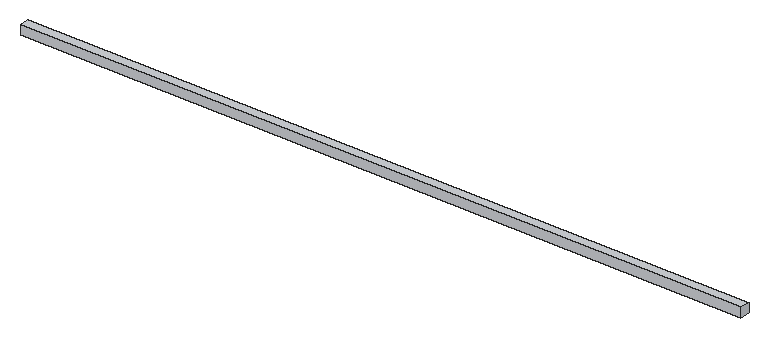
Revit family "QUADRATE NEON FLEX RGB 1312_NDFXRGB", category Luminarias, Revit 2019
Family settings
  Cota de conector redondo = Diámetro de uso
  Tipo de pieza = Normal
  Se basa en plano de trabajo = Sí
  Siempre vertical = No
  Corte con vacíos al cargar = No
  Origen de luz = Sí
  Compartido = No
  Punto de cálculo de habitación = No
Parameters (values of type "QUADRATE NEON FLEX RGB 1312_NDFXRGB")
  Tilt Angle = 60.00°
  built-in parameter 1010506 = 0.5236 (stored number, unit not read)
  built-in parameter 1010507 = 1.5708 (stored number, unit not read)
  Zone [instance] = ""
  Watt per fixture [instance] = (Longitud / 1000 mm) * (13.2)  # 13.2
  Wattage = 13.2 W
  built-in parameter 1150107 = 3000 (stored number, unit not read)
  built-in parameter 1150110 = 1 (stored number, unit not read)
  built-in parameter 1150109 = 1 (stored number, unit not read)
  built-in parameter 1150112 = 1 (stored number, unit not read)
  built-in parameter 1150113 = 1 (stored number, unit not read)
  built-in parameter 1114218 = 1 (stored number, unit not read)
  built-in parameter 1150137 = (empty or 0)
  built-in parameter 1150132 = (empty or 0)
  Modelo Lampara = "2835 SMD"
  Modelo = "NDFXRGB"
  Marca = "BRILLANT"
  Light Source Symbol Length = 3048 mm
  Longitud de línea de emisión = 600 mm
  Longitud [instance] = 1000 mm
  built-in parameter 1150105 = 2206.8 (stored number, unit not read)
  built-in parameter 1150102 = (empty or 0)
  built-in parameter 1150106 = 22.068 (stored number, unit not read)
  Lumens = 660 lm
  Color Filter = 16777215
  built-in parameter 1114217 = 1 (stored number, unit not read)
  built-in parameter 1150139 = (empty or 0)
  Fabricante = "BRILLANT"
  Default Elevation = 0 mm
  built-in parameter 1150104 = 4.6452 (stored number, unit not read)
  Descripción = "TIRA QUADRATE NEON FLEX RGB 1312 DE PLASTICO FLEXIBLE CON UNA POTENCIA DE 13.2W/M DE UN TIPO DE LED 2835 SMD, USO PARA EXTERIORES IP67, IK08, TECNOLOGIA EN RGB, PRESENTACION DE 5M, CORTE 8.3CM, AMPERAJE 0.5A, ALIMENTADO A 24V, REQUIERE ACCESORIOS."
  built-in parameter 1150115 = 1 (stored number, unit not read)
  built-in parameter 1150114 = 1 (stored number, unit not read)
  Costo USD_NDFXRGBW [instance] = (Longitud / 1000 mm) * (44)  # 44
  Comentarios de vataje = "24"
  built-in parameter 1150138 = (empty or 0)
  built-in parameter 1150134 = (empty or 0)
  Circuit [instance] = ""
  Dimming Lamp Color Temperature Shift = (empty or 0)
  Longitud de símbolo de origen de luz = 3048 mm
Reference planes
  plane 1 "Centro (Frontal/Posterior)": y = 0
  plane 2: z = 0
  plane 3 "Centro (Izquierda/Derecha)": x = 0
  plane 4 "IZQ": x = -1000
  plane 5: z = 13
Forms (mm)
  Extrusion 1, solid
    sketch origin (0, 0, 0) x (1, 0, 0) y (0, 1, 0)
      loop
        line (-1000, 6.5) -> (-1000, -6.5) -> (0, -6.5) -> (0, 6.5) -> (-1000, 6.5)
    from 0 to 13
Dimensions and locks
  plane 5 to imposter light = 13 mm
  "Longitud": plane 4 "IZQ" to plane 3 "Centro (Izquierda/Derecha)"
  aligned and locked: level to plane 2
  aligned and locked: plane 4 "IZQ" to Extrusion 1
  aligned and locked: plane 5 to Extrusion 1
  aligned and locked: plane 3 "Centro (Izquierda/Derecha)" to Extrusion 1
Automatic sketch dimensions
  Extrusion 1 sketch curve to plane 4 "IZQ" = 0 mm
  Extrusion 1 sketch curve to plane 3 "Centro (Izquierda/Derecha)" = 0 mm
  plane 1 "Centro (Frontal/Posterior)" to Extrusion 1 sketch curve = 6.5 mm
  Extrusion 1 sketch curve to plane 1 "Centro (Frontal/Posterior)" = 6.5 mm
Connectors
  electrical at (0, 0, 6.5)
    settings: on Extrusion 1, index 1, voltage 24 V, apparent load 0 VA, apparent load phase1 0 VA, apparent load phase2 0 VA, apparent load phase3 0 VA, power factor 1, load classification "Otro", number of poles 1, system type 31, power factor state 1, is connector primary yes, connector utility no, sub classification motor no, connector description ""
